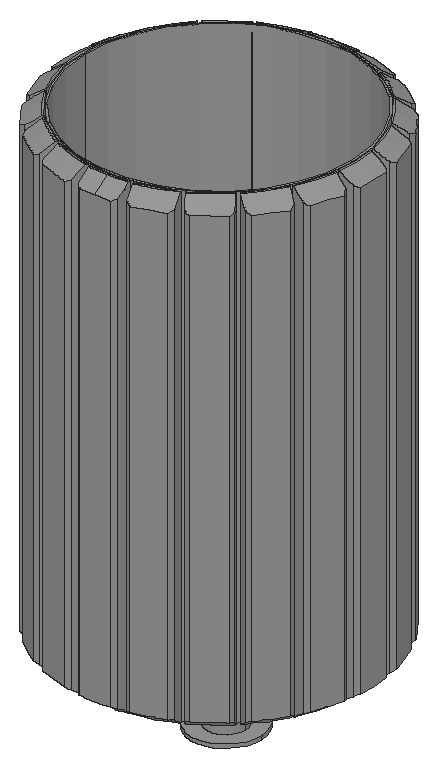
Revit family "12158 Урна уличная «Радиус-2» Хоббика", category Антураж, Revit 2018
Family settings
  На основе рабочей плоскости = Нет
  Всегда вертикально = Да
  При загрузке вырезать с полостями = Нет
  Источник визуального образа = Геометрия семейства
  Общий = Нет
  Точка расчета площади = Нет
Parameters (values of type "Урна уличная «Радиус-2»")
  Ширина = Диаметр  # 390 mm
  Цвет урны = Сталь
  Описание = "Урна уличная «Радиус-2»"  # constant formula
  Материал изделия = "Сталь, дерево"  # constant formula
  Изображение типоразмера = Урна уличная «Радиус-2» Арт 12158.jpg
  Изготовитель = "ООО «Хоббика»"  # constant formula
  Длина = Диаметр  # 390 mm
  Диаметр = 390 mm  # constant formula
  Группа модели = "Уличные урны"  # constant formula
  Высота = 700 mm  # constant formula
  Артикул товара = "Арт. 12158"  # constant formula
  URL = "https://hobbyka.ru/product/urna_ulichnaya_radius2/"
Reference planes
  plane 1 "По центру (Вперед/Назад)": y = 0
  plane 2: z = 0
  plane 3 "По центру (Влево/Вправо)": x = 0
  plane 4: y = 390
  plane 5: x = 390
  plane 6: z = 700
Forms (mm)
  Extrusion 1, solid, material "Сталь" <- "Цвет урны"
    sketch origin (0, 0, 0) x (1, 0, 0) y (0, 1, 0)
      loop
        circle (200, 200) r 25
    from 0 to 100
  Extrusion 2, solid, material "Сталь" <- "Цвет урны"
    sketch origin (0, 0, 0) x (1, 0, 0) y (0, 1, 0)
      loop
        circle (200, 200) r 45
    from 0 to 4.553
  Extrusion 3, solid, material "Сталь" <- "Цвет урны"
    sketch origin (0, 0, 0) x (1, 0, 0) y (0, 1, 0)
      loop
        circle (195, 195) r 171.569
    from 100 to 700
  Extrusion 4, void
    sketch origin (0, 0, 0) x (1, 0, 0) y (0, 1, 0)
      loop
        circle (195, 195) r 169.569
    from 102 to 700
  Extrusion 5, solid, material "Дерево"
    sketch origin (398.431, -5, 0) x (0, 1, 0) y (-1, 0, 0)
      loop
        line (175, 375) -> (225, 375) -> (225, 393.431) -> (220, 398.431) -> (180, 398.431) -> (175, 393.431) -> (175, 375)
    from 100 to 700
  Revolve 6, void
    sketch origin (195, 0, 0) x (0, 1, 0) y (0, 0, 1)
      loop
        line (-10, 700) -> (-10, 679.765) -> (20, 700) -> (-10, 700)
      loop
        line (-12.022, 100) -> (20, 100) -> (-12.022, 121.599) -> (-12.022, 100)
      axis (195, 700) -> (195, 100)
    angle from 0 to 360
  Extrusion 7, solid, material "Дерево"
    sketch origin (326.671, -58.075, 0) x (0.309017, 0.951057, 0) y (-0.951057, 0.309017, 0)
      loop
        line (175, 375) -> (225, 375) -> (225, 393.431) -> (220, 398.431) -> (180, 398.431) -> (175, 393.431) -> (175, 375)
    from 100 to 700
  Extrusion 8, solid, material "Дерево"
    sketch origin (242.022, -86.377, 0) x (0.587785, 0.809017, 0) y (-0.809017, 0.587785, 0)
      loop
        line (175, 375) -> (225, 375) -> (225, 393.431) -> (220, 398.431) -> (180, 398.431) -> (175, 393.431) -> (175, 375)
    from 100 to 700
  Extrusion 9, solid, material "Дерево"
    sketch origin (152.771, -87.136, 0) x (0.809017, 0.587785, 0) y (-0.587785, 0.809017, 0)
      loop
        line (175, 375) -> (225, 375) -> (225, 393.431) -> (220, 398.431) -> (180, 398.431) -> (175, 393.431) -> (175, 375)
    from 100 to 700
  Extrusion 10, solid, material "Дерево"
    sketch origin (67.652, -60.278, 0) x (0.951057, 0.309017, 0) y (-0.309017, 0.951057, 0)
      loop
        line (175, 375) -> (225, 375) -> (225, 393.431) -> (220, 398.431) -> (180, 398.431) -> (175, 393.431) -> (175, 375)
    from 100 to 700
  Extrusion 11, solid, material "Дерево"
    sketch origin (-5, -8.431, 0) x (1, 0, 0) y (0, 1, 0)
      loop
        line (175, 375) -> (225, 375) -> (225, 393.431) -> (220, 398.431) -> (180, 398.431) -> (175, 393.431) -> (175, 375)
    from 100 to 700
  Extrusion 12, solid, material "Дерево"
    sketch origin (-58.075, 63.329, 0) x (0.951057, -0.309017, 0) y (0.309017, 0.951057, 0)
      loop
        line (175, 375) -> (225, 375) -> (225, 393.431) -> (220, 398.431) -> (180, 398.431) -> (175, 393.431) -> (175, 375)
    from 100 to 700
  Extrusion 13, solid, material "Дерево"
    sketch origin (-86.377, 147.978, 0) x (0.809017, -0.587785, 0) y (0.587785, 0.809017, 0)
      loop
        line (175, 375) -> (225, 375) -> (225, 393.431) -> (220, 398.431) -> (180, 398.431) -> (175, 393.431) -> (175, 375)
    from 100 to 700
  Extrusion 14, solid, material "Дерево"
    sketch origin (-87.136, 237.229, 0) x (0.587785, -0.809017, 0) y (0.809017, 0.587785, 0)
      loop
        line (175, 375) -> (225, 375) -> (225, 393.431) -> (220, 398.431) -> (180, 398.431) -> (175, 393.431) -> (175, 375)
    from 100 to 700
  Extrusion 15, solid, material "Дерево"
    sketch origin (-60.278, 322.348, 0) x (0.309017, -0.951057, 0) y (0.951057, 0.309017, 0)
      loop
        line (175, 375) -> (225, 375) -> (225, 393.431) -> (220, 398.431) -> (180, 398.431) -> (175, 393.431) -> (175, 375)
    from 100 to 700
  Extrusion 16, solid, material "Дерево"
    sketch origin (-8.431, 395, 0) x (0, -1, 0) y (1, 0, 0)
      loop
        line (175, 375) -> (225, 375) -> (225, 393.431) -> (220, 398.431) -> (180, 398.431) -> (175, 393.431) -> (175, 375)
    from 100 to 700
  Extrusion 17, solid, material "Дерево"
    sketch origin (63.329, 448.075, 0) x (-0.309017, -0.951057, 0) y (0.951057, -0.309017, 0)
      loop
        line (175, 375) -> (225, 375) -> (225, 393.431) -> (220, 398.431) -> (180, 398.431) -> (175, 393.431) -> (175, 375)
    from 100 to 700
  Extrusion 18, solid, material "Дерево"
    sketch origin (147.978, 476.377, 0) x (-0.587785, -0.809017, 0) y (0.809017, -0.587785, 0)
      loop
        line (175, 375) -> (225, 375) -> (225, 393.431) -> (220, 398.431) -> (180, 398.431) -> (175, 393.431) -> (175, 375)
    from 100 to 700
  Extrusion 19, solid, material "Дерево"
    sketch origin (237.229, 477.136, 0) x (-0.809017, -0.587785, 0) y (0.587785, -0.809017, 0)
      loop
        line (175, 375) -> (225, 375) -> (225, 393.431) -> (220, 398.431) -> (180, 398.431) -> (175, 393.431) -> (175, 375)
    from 100 to 700
  Extrusion 20, solid, material "Дерево"
    sketch origin (322.348, 450.278, 0) x (-0.951057, -0.309017, 0) y (0.309017, -0.951057, 0)
      loop
        line (175, 375) -> (225, 375) -> (225, 393.431) -> (220, 398.431) -> (180, 398.431) -> (175, 393.431) -> (175, 375)
    from 100 to 700
  Extrusion 21, solid, material "Дерево"
    sketch origin (395, 398.431, 0) x (-1, 0, 0) y (0, -1, 0)
      loop
        line (175, 375) -> (225, 375) -> (225, 393.431) -> (220, 398.431) -> (180, 398.431) -> (175, 393.431) -> (175, 375)
    from 100 to 700
  Extrusion 22, solid, material "Дерево"
    sketch origin (448.075, 326.671, 0) x (-0.951057, 0.309017, 0) y (-0.309017, -0.951057, 0)
      loop
        line (175, 375) -> (225, 375) -> (225, 393.431) -> (220, 398.431) -> (180, 398.431) -> (175, 393.431) -> (175, 375)
    from 100 to 700
  Extrusion 23, solid, material "Дерево"
    sketch origin (476.377, 242.022, 0) x (-0.809017, 0.587785, 0) y (-0.587785, -0.809017, 0)
      loop
        line (175, 375) -> (225, 375) -> (225, 393.431) -> (220, 398.431) -> (180, 398.431) -> (175, 393.431) -> (175, 375)
    from 100 to 700
  Extrusion 24, solid, material "Дерево"
    sketch origin (477.136, 152.771, 0) x (-0.587785, 0.809017, 0) y (-0.809017, -0.587785, 0)
      loop
        line (175, 375) -> (225, 375) -> (225, 393.431) -> (220, 398.431) -> (180, 398.431) -> (175, 393.431) -> (175, 375)
    from 100 to 700
  Extrusion 25, solid, material "Дерево"
    sketch origin (450.278, 67.652, 0) x (-0.309017, 0.951057, 0) y (-0.951057, -0.309017, 0)
      loop
        line (175, 375) -> (225, 375) -> (225, 393.431) -> (220, 398.431) -> (180, 398.431) -> (175, 393.431) -> (175, 375)
    from 100 to 700
Cuts and joins
  Extrusion 4 cuts Extrusion 1
  joined: Extrusion 1, Extrusion 2
  Extrusion 4, Revolve 6 cuts Extrusion 3
  Revolve 6 cuts Extrusion 5
  Revolve 6 cuts Extrusion 7
  Revolve 6 cuts Extrusion 8
  Revolve 6 cuts Extrusion 9
  Revolve 6 cuts Extrusion 10
  Revolve 6 cuts Extrusion 11
  Revolve 6 cuts Extrusion 12
  Revolve 6 cuts Extrusion 13
  Revolve 6 cuts Extrusion 14
  Revolve 6 cuts Extrusion 15
  Revolve 6 cuts Extrusion 16
  Revolve 6 cuts Extrusion 17
  Revolve 6 cuts Extrusion 18
  Revolve 6 cuts Extrusion 19
  Revolve 6 cuts Extrusion 20
  Revolve 6 cuts Extrusion 21
  Revolve 6 cuts Extrusion 22
  Revolve 6 cuts Extrusion 23
  Revolve 6 cuts Extrusion 24
  Revolve 6 cuts Extrusion 25
Lines and regions (mm)
  reference lines
    curve 1: circle (195, 195, 0) r 195 normal (0, 0, 1)
Dimensions and locks
  "Длина": plane 5 to plane 3 "По центру (Влево/Вправо)"
  "Ширина": plane 4 to plane 1 "По центру (Вперед/Назад)"
  "Высота": plane 6 to plane 2
  "Диаметр": diameter of curve 1
  aligned and locked: level to plane 2
Automatic sketch dimensions
  plane 3 "По центру (Влево/Вправо)" to curve 1 = 195 mm
  curve 1 to plane 1 "По центру (Вперед/Назад)" = 195 mm
  plane 3 "По центру (Влево/Вправо)" to Extrusion 1 sketch curve = 200 mm
  Extrusion 1 sketch curve to plane 1 "По центру (Вперед/Назад)" = 200 mm
  Extrusion 2 sketch curve to Extrusion 2 sketch curve = 0 mm  (x2)
  plane 3 "По центру (Влево/Вправо)" to Extrusion 2 sketch curve = 200 mm
  Extrusion 2 sketch curve to plane 1 "По центру (Вперед/Назад)" = 200 mm
  Extrusion 2 sketch curve to Extrusion 2 sketch curve = 45 mm
  Extrusion 5 sketch curve to Extrusion 5 sketch curve = 5 mm  (x4)
  Extrusion 5 sketch curve to Extrusion 5 sketch curve = 40 mm
  plane 3 "По центру (Влево/Вправо)" to Extrusion 3 sketch curve = 195 mm
  Extrusion 3 sketch curve to plane 1 "По центру (Вперед/Назад)" = 195 mm
  plane 3 "По центру (Влево/Вправо)" to Extrusion 4 sketch curve = 195 mm
  Extrusion 4 sketch curve to plane 1 "По центру (Вперед/Назад)" = 195 mm
  Revolve 6 sketch curve to plane 6 = 0 mm
  plane 1 "По центру (Вперед/Назад)" to Revolve 6 sketch curve = 12.022 mm
  plane 1 "По центру (Вперед/Назад)" to Revolve 6 sketch curve = 10 mm
  Revolve 6 sketch curve to plane 1 "По центру (Вперед/Назад)" = 20 mm  (x2)
  Revolve 6 sketch curve to plane 6 = 20.235 mm
  level to Revolve 6 sketch curve = 121.599 mm
  Revolve 6 sketch curve to Revolve 6 sketch curve = 21.599 mm
  plane 6 to Revolve 6 sketch curve = 45 mm
  Revolve 6 sketch curve to Revolve 6 sketch curve = 175 mm
  level to Revolve 6 sketch curve = 60 mm
  Extrusion 5 sketch curve to Extrusion 5 sketch curve = 18.431 mm
  Extrusion 7 sketch curve to Extrusion 7 sketch curve = 5 mm  (x4)
  Extrusion 7 sketch curve to Extrusion 7 sketch curve = 40 mm
  Extrusion 7 sketch curve to Extrusion 7 sketch curve = 18.431 mm
  Extrusion 8 sketch curve to Extrusion 8 sketch curve = 5 mm  (x4)
  Extrusion 8 sketch curve to Extrusion 8 sketch curve = 40 mm
  Extrusion 8 sketch curve to Extrusion 8 sketch curve = 18.431 mm
  Extrusion 9 sketch curve to Extrusion 9 sketch curve = 5 mm  (x4)
  Extrusion 9 sketch curve to Extrusion 9 sketch curve = 40 mm
  Extrusion 9 sketch curve to Extrusion 9 sketch curve = 18.431 mm
  Extrusion 10 sketch curve to Extrusion 10 sketch curve = 5 mm  (x4)
  Extrusion 10 sketch curve to Extrusion 10 sketch curve = 40 mm
  Extrusion 10 sketch curve to Extrusion 10 sketch curve = 18.431 mm
  Extrusion 11 sketch curve to Extrusion 11 sketch curve = 5 mm  (x4)
  Extrusion 11 sketch curve to Extrusion 11 sketch curve = 40 mm
  Extrusion 11 sketch curve to Extrusion 11 sketch curve = 18.431 mm
  Extrusion 12 sketch curve to Extrusion 12 sketch curve = 5 mm  (x4)
  Extrusion 12 sketch curve to Extrusion 12 sketch curve = 40 mm
  Extrusion 12 sketch curve to Extrusion 12 sketch curve = 18.431 mm
  Extrusion 13 sketch curve to Extrusion 13 sketch curve = 5 mm  (x4)
  Extrusion 13 sketch curve to Extrusion 13 sketch curve = 40 mm
  Extrusion 13 sketch curve to Extrusion 13 sketch curve = 18.431 mm
  Extrusion 14 sketch curve to Extrusion 14 sketch curve = 5 mm  (x4)
  Extrusion 14 sketch curve to Extrusion 14 sketch curve = 40 mm
  Extrusion 14 sketch curve to Extrusion 14 sketch curve = 18.431 mm
  Extrusion 15 sketch curve to Extrusion 15 sketch curve = 5 mm  (x4)
  Extrusion 15 sketch curve to Extrusion 15 sketch curve = 40 mm
  Extrusion 15 sketch curve to Extrusion 15 sketch curve = 18.431 mm
  Extrusion 16 sketch curve to Extrusion 16 sketch curve = 5 mm  (x4)
  Extrusion 16 sketch curve to Extrusion 16 sketch curve = 40 mm
  Extrusion 16 sketch curve to Extrusion 16 sketch curve = 18.431 mm
  Extrusion 17 sketch curve to Extrusion 17 sketch curve = 5 mm  (x4)
  Extrusion 17 sketch curve to Extrusion 17 sketch curve = 40 mm
  Extrusion 17 sketch curve to Extrusion 17 sketch curve = 18.431 mm
  Extrusion 18 sketch curve to Extrusion 18 sketch curve = 5 mm  (x4)
  Extrusion 18 sketch curve to Extrusion 18 sketch curve = 40 mm
  Extrusion 18 sketch curve to Extrusion 18 sketch curve = 18.431 mm
  Extrusion 19 sketch curve to Extrusion 19 sketch curve = 5 mm  (x4)
  Extrusion 19 sketch curve to Extrusion 19 sketch curve = 40 mm
  Extrusion 19 sketch curve to Extrusion 19 sketch curve = 18.431 mm
  Extrusion 20 sketch curve to Extrusion 20 sketch curve = 5 mm  (x4)
  Extrusion 20 sketch curve to Extrusion 20 sketch curve = 40 mm
  Extrusion 20 sketch curve to Extrusion 20 sketch curve = 18.431 mm
  Extrusion 21 sketch curve to Extrusion 21 sketch curve = 5 mm  (x4)
  Extrusion 21 sketch curve to Extrusion 21 sketch curve = 40 mm
  Extrusion 21 sketch curve to Extrusion 21 sketch curve = 18.431 mm
  Extrusion 22 sketch curve to Extrusion 22 sketch curve = 5 mm  (x4)
  Extrusion 22 sketch curve to Extrusion 22 sketch curve = 40 mm
  Extrusion 22 sketch curve to Extrusion 22 sketch curve = 18.431 mm
  Extrusion 23 sketch curve to Extrusion 23 sketch curve = 5 mm  (x4)
  Extrusion 23 sketch curve to Extrusion 23 sketch curve = 40 mm
  Extrusion 23 sketch curve to Extrusion 23 sketch curve = 18.431 mm
  Extrusion 24 sketch curve to Extrusion 24 sketch curve = 5 mm  (x4)
  Extrusion 24 sketch curve to Extrusion 24 sketch curve = 40 mm
  Extrusion 24 sketch curve to Extrusion 24 sketch curve = 18.431 mm
  Extrusion 25 sketch curve to Extrusion 25 sketch curve = 5 mm  (x4)
  Extrusion 25 sketch curve to Extrusion 25 sketch curve = 40 mm
  Extrusion 25 sketch curve to Extrusion 25 sketch curve = 18.431 mm
  radius of Extrusion 1 sketch curve = 25 mm
  radius of Extrusion 3 sketch curve = 171.569 mm
  radius of Extrusion 4 sketch curve = 169.569 mm
